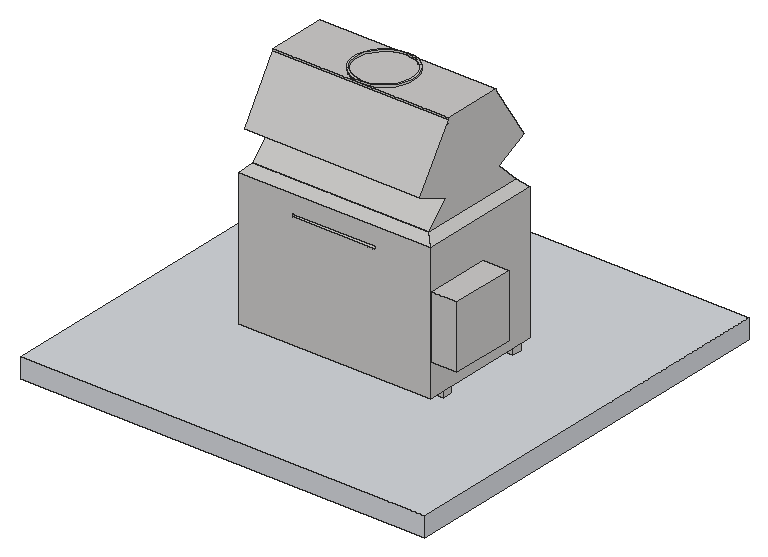
Revit family "DC_Rheem_PLM_Raypak_B0868ID", category Plumbing Fixtures, host Face, Revit 2020
Family settings
  Host = Face
  Round Connector Dimension = Use Radius
  Part Type = Normal
  Cut with Voids When Loaded = No
  Shared = No
  Room Calculation Point = No
Parameters (values of type "Raypak - Gas Water Heater- Indoor - 870 MJ/h  Natural gas, modulating gas control")
  Width_ANZRS = 1160 mm
  URL = "http://www.rheem.com.au/CommercialProducts"
  Type Comments = "Recovery 3354L/h @ 50°C rise\r\n"
  TopH2_ANZRS = 125 mm
  TopH1_ANZRS = 350 mm
  TopDiaSmall_ANZRl = 355 mm
  TopDiaBig_ANZRS = 785 mm
  T_ANZRS = 50 mm
  Materials_ANZRS = Raypak - Grey Powder Coated Steel
  PRVDist_ANZRS = 85 mm
  PRV_ANZRS = 15 mm
  Model = "B0868NCM/ID\r\n"
  Manufacturer = "Raypak\r\n"
  Length_ANZRS = 750 mm
  L1_ANZRS = 387 mm
  HotWateroutletradius_ANZRS = 32.5 mm
  HotWateroutletDiameter_ANZRS = HotWateroutletradius_ANZRS * 2  # 65 mm
  HotWaterConn.Dist_ANZRS = 155 mm
  Height_ANZRS = 1460 mm
  H1_ANZRS = 935 mm
  GasInletradius_ANZRS = 20 mm
  GasInletHeight_ANZRS = 435 mm
  GasInletDiameter_ANZRS = GasInletradius_ANZRS * 2  # 40 mm
  GasConn.Dist_ANZRS = 95 mm
  EleBoxW_ANZRS = 160 mm
  EleBoxHeightFromBase_ANZRS = 235 mm
  EleBoxHeight_ANZRS = 380 mm
  DesignBy_ANZRS = "Design Content ©"
  Description = "Raypak - Gas Water Heater- Indoor - 870 MJ/h  Natural gas, modulating gas control\r\n"
  Default Elevation = 0 mm
  ConnHeight_ANZRS = 745 mm
  ColdWaterInletRadius_ANZRS = 32.5 mm
  ColdWaterInletDiameter_ANZRS = ColdWaterInletRadius_ANZRS * 2  # 65 mm
  ColdWaterConn.Dist_ANZRS = 280 mm
  BoxHeight_ANZRS = 850 mm
  Base1Dist_ANZRS = 75 mm
  BaseWidth_ANZRS = 55 mm
  BaseHeight_ANZRS = 35 mm
  Basae2Dist_ANZRS = 95 mm
  Author_ANZRS = "DM"
  Assembly Code = ""
Types (5, lengths in mm): name | URL | Type Comments | Model | GasInletradius_ANZRS | GasInletDiameter_ANZRS | Description
  (no name) | "http://www.rheem.com.au/downloads/PDF/Raypak_Mechanical_Heating_Brochure_July_09.pdf\r\n" | "Recovery 3096L/h @ 50°C rise\r\n" | "B0868PCM/ID\r\n" | 10 | 20 | "Raypak - Gas Water Heater- Indoor - 820 MJ/h  Propane gas, modulating gas control\r\n"
  Raypak - Gas Water Heater- Indoor - 870 MJ/h  Natural gas, modulating gas control | "http://www.rheem.com.au/CommercialProducts" | "Recovery 3354L/h @ 50°C rise\r\n" | "B0868NCM/ID\r\n" | 20 | 40 | "Raypak - Gas Water Heater- Indoor - 870 MJ/h  Natural gas, modulating gas control\r\n"
  Raypak - Gas Water Heater- Indoor - 870 MJ/h  Natural gas, On/Off gas control | "http://www.rheem.com.au/CommercialProducts" | "Recovery 3354L/h @ 50°C rise\r\n" | "B0868NCO/ID\r\n" | 20 | 40 | "Raypak - Gas Water Heater- Indoor - 870 MJ/h  Natural gas, On/Off gas control\r\n"
  Raypak - Gas Water Heater- Indoor - 820 MJ/h  Propane gas, modulating gas control | "http://www.rheem.com.au/CommercialProducts" | "Recovery 3096L/h @ 50°C rise\r\n" | "B0868PCM/ID\r\n" | 10 | 20 | "Raypak - Gas Water Heater- Indoor - 820 MJ/h  Propane gas, modulating gas control\r\n"
  Raypak - Gas Water Heater- Indoor - 820 MJ/h  Propane gas, On/Off gas control | "http://www.rheem.com.au/CommercialProducts" | "Recovery 3096L/h @ 50°C rise\r\n" | "B0868PCO/ID\r\n\r\n" | 16 | 32 | "Raypak - Gas Water Heater- Indoor - 820 MJ/h  Propane gas, On/Off gas control\r\n"
Reference planes
  plane 1 "Center (Front/Back)": y = 0
  plane 2: z = 0
  plane 3 "Center (Left/Right)": x = 0
  plane 4: y = 375
  plane 5: y = -375
  plane 6: x = -580
  plane 7: x = 580
  plane 8: z = 35
  plane 9: z = 850
  plane 10: y = 300
  plane 11: y = 245
  plane 12: y = -225
  plane 13: y = -280
  plane 14: y = -280
  plane 15: y = 220
  plane 16: y = -60
  plane 17: z = 745
  plane 18: y = 290
  plane 19: y = 177.5
  plane 20: y = -177.5
  plane 21: y = 392.5
  plane 22: y = -392.5
  plane 23: z = 1460
  plane 24: z = 1110
  plane 25: z = 985
  plane 26: y = 325
  plane 27: y = -325
  plane 28: z = 900
  plane 29: z = 435
  plane 30: x = -392.5
  plane 31: x = 392.5
  plane 32: x = -177.5
  plane 33: x = 177.5
  plane 34: x = 740
  plane 35: z = 615
  plane 36: z = 235
  plane 37: z = 725
  plane 38: x = 250
  plane 39: x = -250
  plane 40: y = -365
  plane 41: x = -570
  plane 42: z = 1440
  plane 43: z = 1450
  plane 44: y = -167.5
  plane 45: y = 325
  plane 46: y = -325
  plane 47: x = 530
  plane 48: x = -530
  plane 49: y = 10
Forms (mm)
  Extrusion 1, solid
    sketch origin (0, 0, 0) x (1, 0, 0) y (0, 1, 0)
      loop
        line (-1219.2, 1219.2) -> (-1219.2, -1219.2) -> (1219.2, -1219.2) -> (1219.2, 1219.2) -> (-1219.2, 1219.2)
    from 0 to -120
  Extrusion 2, solid, material "Raypak - Grey Powder Coated Steel" <- "Materials_ANZRS"
    sketch origin (0, 0, 0) x (1, 0, 0) y (0, 1, 0)
      loop
        line (-580, 375) -> (-580, -375) -> (580, -375) -> (580, 375) -> (-580, 375)
    from 35 to 850
  Extrusion 3, solid, material "Raypak - Grey Powder Coated Steel" <- "Materials_ANZRS"
    sketch origin (0, 0, 0) x (0, 1, 0) y (0, 0, 1)
      loop
        line (300, 35) -> (245, 35) -> (245, 0) -> (300, 0) -> (300, 35)
      loop
        line (-225, 35) -> (-280, 35) -> (-280, 0) -> (-225, 0) -> (-225, 35)
    from -580 to 580
  Extrusion 4, solid, material "Raypak - Grey Powder Coated Steel" <- "Materials_ANZRS"
    sketch origin (0, 0, 0) x (1, 0, 0) y (0, 0, 1)
      loop
        line (580, 615) -> (580, 235) -> (740, 235) -> (740, 615) -> (580, 615)
    from -10 to 375
  Extrusion 5, void
    sketch origin (0, 0, 0) x (1, 0, 0) y (0, 0, 1)
      loop
        line (-250, 745) -> (-250, 725) -> (250, 725) -> (250, 745) -> (-250, 745)
    from 344.946 to 375
  Extrusion 6, void
    sketch origin (0, 0, 0) x (0, 1, 0) y (0, 0, 1)
      loop
        circle (290, 745) r 15
      loop
        circle (220, 745) r 32.5
      loop
        circle (-60, 745) r 32.5
      loop
        circle (-280, 435) r 20
    from -580 to -570
  Blend 7, solid, material "Raypak - Grey Powder Coated Steel" <- "Materials_ANZRS"
    base sketch origin (0, 0, 0) x (1, 0, 0) y (0, 1, 0)
      loop
        line (-580, 375) -> (-580, -375) -> (580, -375) -> (580, 375) -> (-580, 375)
    top sketch origin (0, 0, 0) x (1, 0, 0) y (0, 1, 0)
      loop
        line (530, 325) -> (-530, 325) -> (-530, -325) -> (530, -325) -> (530, 325)
    from 850 to 900
  Extrusion 8, solid, material "Raypak - Grey Powder Coated Steel" <- "Materials_ANZRS"
    sketch origin (0, 0, 0) x (0, 1, 0) y (0, 0, 1)
      loop
        line (177.5, 1440) -> (177.5, 1450) -> (-177.5, 1450) -> (-177.5, 1440) -> (-392.5, 1110) -> (-200.648, 1024.352) -> (-325, 900) -> (325, 900) -> (200.648, 1024.352) -> (392.5, 1110) -> (177.5, 1440)
    from -530 to 530
  Revolve 9, solid, material "Raypak - Grey Powder Coated Steel" <- "Materials_ANZRS"
    sketch origin (0, 0, 0) x (0, 1, 0) y (0, 0, 1)
      loop
        line (-177.5, 1450) -> (-167.5, 1450) -> (-167.5, 1460) -> (-177.5, 1460) -> (-177.5, 1450)
      axis (0, 1460) -> (0, 1450)
    angle from 0 to 360
Cuts and joins
  Extrusion 5, Extrusion 6 cuts Extrusion 2
Lines and regions (mm)
  Masking region 1
    outline origin (0, 0, 0) x (1, 0, 0) y (0, 1, 0)
      loop
        line (-580, 375) -> (-580, -375) -> (-530, -375) -> (-530, -392.5) -> (530, -392.5) -> (530, -375) -> (580, -375) -> (740, -375) -> (740, 10) -> (580, 10) -> (580, 375) -> (530, 375) -> (530, 392.5) -> (-530, 392.5) -> (-530, 375) -> (-580, 375)
  Masking region 2
    outline origin (0, 0, 0) x (1, 0, 0) y (0, 0, 1)
      loop
        line (-530, 1450) -> (-530, 900) -> (-580, 850) -> (-580, 0) -> (580, 0) -> (580, 235) -> (740, 235) -> (740, 615) -> (580, 615) -> (580, 850) -> (530, 900) -> (530, 1450) -> (177.5, 1450) -> (177.5, 1460) -> (-177.5, 1460) -> (-177.5, 1450) -> (-530, 1450)
  Masking region 3
    outline origin (0, 0, 0) x (0, 1, 0) y (0, 0, 1)
      loop
        line (-177.5, 1460) -> (-177.5, 1440) -> (-392.5, 1110) -> (-200.648, 1024.352) -> (-375, 850) -> (-375, 0) -> (375, 0) -> (375, 850) -> (200.648, 1024.352) -> (392.5, 1110) -> (177.5, 1440) -> (177.5, 1460) -> (-177.5, 1460)
  symbolic lines, style "Rheem Raypak", detail levels fine
    curve 1: line (-530, 392.5, 0) -> (530, 392.5, 0)
    curve 2: line (-530, -392.5, 0) -> (-530, 392.5, 0)
    curve 3: line (530, -392.5, 0) -> (-530, -392.5, 0)
    curve 4: line (530, 392.5, 0) -> (530, -392.5, 0)
    curve 5: line (530, 177.5, 0) -> (-530, 177.5, 0)
    curve 6: line (-530, -177.5, 0) -> (530, -177.5, 0)
    curve 7: arc (0, 177.5, 0) -> (177.5, 0, 0) -> (0, -177.5, 0) r 177.5
    curve 8: arc (0, -177.5, 0) -> (-177.5, 0, 0) -> (0, 177.5, 0) r 177.5
    curve 9: arc (0, -167.5, 0) -> (-167.5, 0, 0) -> (0, 167.5, 0) r 167.5
    curve 10: arc (0, 167.5, 0) -> (167.5, 0, 0) -> (0, -167.5, 0) r 167.5
    curve 11: line (-580, 375, 0) -> (-580, -375, 0)
    curve 12: line (580, -375, 0) -> (580, 375, 0)
    curve 13: line (-580, -375, 0) -> (-530, -375, 0)
    curve 14: line (580, 375, 0) -> (530, 375, 0)
    curve 15: line (530, 325, 0) -> (580, 375, 0)
    curve 16: line (580, -375, 0) -> (530, -325, 0)
    curve 17: line (-580, -375, 0) -> (-530, -325, 0)
    curve 18: line (-580, 375, 0) -> (-530, 325, 0)
    curve 19: line (740, 10, 0) -> (580, 10, 0)
    curve 20: line (740, -375, 0) -> (740, 10, 0)
    curve 21: line (580, -375, 0) -> (740, -375, 0)
    curve 22: line (530, -375, 0) -> (580, -375, 0)
    curve 23: line (-530, 375, 0) -> (-580, 375, 0)
    curve 24: line (-530, 0, 1450) -> (-530, 0, 900)
    curve 25: line (365, 0, 1450) -> (-530, 0, 1450)
    curve 26: line (-177.5, 0, 1460) -> (177.5, 0, 1460)
    curve 27: line (177.5, 0, 1450) -> (177.5, 0, 1460)
    curve 28: line (-177.5, 0, 1450) -> (-177.5, 0, 1460)
    curve 29: line (-530, 0, 1440) -> (365, 0, 1440)
    curve 30: line (-530, 0, 1110) -> (530, 0, 1110)
    curve 31: line (-530, 0, 1024.352) -> (530, 0, 1024.352)
    curve 32: line (-530, 0, 900) -> (530, 0, 900)
    curve 33: line (-530, 0, 900) -> (-580, 0, 850)
    curve 34: line (580, 0, 35) -> (580, 0, 850)
    curve 35: line (-580, 0, 850) -> (-580, 0, 35)
    curve 36: line (-580, 0, 850) -> (580, 0, 850)
    curve 37: line (-580, 0, 35) -> (580, 0, 35)
    curve 38: line (-580, 0, 35) -> (-580, 0, 0)
    curve 39: line (-580, 0, 0) -> (580, 0, 0)
    curve 40: line (580, 0, 0) -> (580, 0, 35)
    curve 41: line (580, 0, 235) -> (740, 0, 235)
    curve 42: line (740, 0, 235) -> (740, 0, 615)
    curve 43: line (740, 0, 615) -> (580, 0, 615)
    curve 44: line (250, 0, 745) -> (-250, 0, 745)
    curve 45: line (250, 0, 725) -> (250, 0, 745)
    curve 46: line (-250, 0, 725) -> (250, 0, 725)
    curve 47: line (-250, 0, 745) -> (-250, 0, 725)
    curve 48: line (580, 0, 850) -> (530, 0, 900)
    curve 49: line (0, -177.5, 1460) -> (0, 177.5, 1460)
    curve 50: line (0, 177.5, 1450) -> (0, -177.5, 1450)
    curve 51: line (0, -177.5, 1460) -> (0, -177.5, 1440)
    curve 52: line (0, 177.5, 1440) -> (0, 177.5, 1460)
    curve 53: line (0, -177.5, 1440) -> (0, -392.5, 1110)
    curve 54: line (0, 392.5, 1110) -> (0, 177.5, 1440)
    curve 55: line (0, 200.648, 1024.352) -> (0, 392.5, 1110)
    curve 56: line (0, -392.5, 1110) -> (0, -200.648, 1024.352)
    curve 57: line (0, -200.648, 1024.352) -> (0, -375, 850)
    curve 58: line (0, 375, 850) -> (0, 200.648, 1024.352)
    curve 59: line (0, -375, 850) -> (0, 375, 850)
    curve 60: line (0, -325, 900) -> (0, 325, 900)
    curve 61: line (0, -375, 850) -> (0, -375, 35)
    curve 62: line (0, 375, 35) -> (0, 375, 850)
    curve 63: line (0, -375, 35) -> (0, 375, 35)
    curve 64: line (0, 245, 35) -> (0, 245, 0)
    curve 65: line (0, 300, 0) -> (0, 300, 35)
    curve 66: line (0, 245, 0) -> (0, 300, 0)
    curve 67: line (0, -225, 0) -> (0, -225, 35)
    curve 68: line (0, -280, 35) -> (0, -280, 0)
    curve 69: line (0, -280, 0) -> (0, -225, 0)
    curve 70: arc (0, -300, 435) -> (0, -280, 415) -> (0, -260, 435) r 20
    curve 71: arc (0, -260, 435) -> (0, -280, 455) -> (0, -300, 435) r 20
    curve 72: arc (0, -92.5, 745) -> (0, -60, 712.5) -> (0, -27.5, 745) r 32.5
    curve 73: arc (0, -27.5, 745) -> (0, -60, 777.5) -> (0, -92.5, 745) r 32.5
    curve 74: arc (0, 187.5, 745) -> (0, 220, 712.5) -> (0, 252.5, 745) r 32.5
    curve 75: arc (0, 252.5, 745) -> (0, 220, 777.5) -> (0, 187.5, 745) r 32.5
    curve 76: arc (0, 305, 745) -> (0, 290, 760) -> (0, 275, 745) r 15
    curve 77: arc (0, 275, 745) -> (0, 290, 730) -> (0, 305, 745) r 15
Dimensions and locks
  equal spacing: plane 4, plane 1 "Center (Front/Back)", plane 5
  "Length_ANZRS": plane 4 to plane 5
  equal spacing: plane 6, plane 3 "Center (Left/Right)", plane 7
  "Width_ANZRS": plane 6 to plane 7
  "BaseHeight_ANZRS": plane 8 to Extrusion 1
  "BoxHeight_ANZRS": plane 9 to Extrusion 1
  "Base1Dist_ANZRS": plane 4 to plane 10
  "BaseWidth_ANZRS": plane 10 to plane 11
  "Basae2Dist_ANZRS": plane 13 to plane 5
  "BaseWidth_ANZRS": plane 12 to plane 13
  "GasConn.Dist_ANZRS": plane 14 to plane 5
  "HotWaterConn.Dist_ANZRS": plane 4 to plane 15
  "ColdWaterConn.Dist_ANZRS": plane 15 to plane 16
  "ConnHeight_ANZRS": plane 17 to Extrusion 1
  "PRVDist_ANZRS": plane 4 to plane 18
  equal spacing: plane 19, plane 1 "Center (Front/Back)", plane 20
  "TopDiaSmall_ANZRl": plane 19 to plane 20
  equal spacing: plane 21, plane 1 "Center (Front/Back)", plane 22
  "TopDiaBig_ANZRS": plane 21 to plane 22
  "Height_ANZRS": plane 23 to Extrusion 1
  "T_ANZRS": plane 4 to plane 26
  "T_ANZRS": plane 27 to plane 5
  "TopH1_ANZRS": plane 23 to plane 24
  "TopH2_ANZRS": plane 24 to plane 25
  "GasInletHeight_ANZRS": plane 29 to Extrusion 1
  equal spacing: plane 32, plane 3 "Center (Left/Right)", plane 33
  equal spacing: plane 30, plane 3 "Center (Left/Right)", plane 31
  "TopDiaBig_ANZRS": plane 30 to plane 31
  "TopDiaSmall_ANZRl": plane 32 to plane 33
  "EleBoxW_ANZRS": plane 34 to plane 7
  "EleBoxHeight_ANZRS": plane 35 to plane 36
  "EleBoxHeightFromBase_ANZRS": plane 36 to Extrusion 1
  equal spacing: plane 38, plane 3 "Center (Left/Right)", plane 39
  plane 38 to plane 39 = 500 mm
  locked: plane 40 to plane 5 at 10
  locked: plane 6 to plane 41 at 10
  "T_ANZRS": plane 28 to plane 9
  plane 23 to plane 42 = 20 mm
  equal spacing: plane 23, plane 43, plane 42
  locked: plane 44 to plane 20 at 10
  plane 45 to Extrusion 4 = 315 mm
  locked: Extrusion 4 to plane 46 at 50
  locked: plane 47 to plane 7 at 50
  locked: plane 6 to plane 48 at 50
  plane 9 to level = 850 mm
  "GasInletradius_ANZRS": radius of Extrusion 6 sketch curve
  "ColdWaterInletRadius_ANZRS": radius of Extrusion 6 sketch curve
  "HotWateroutletradius_ANZRS": radius of Extrusion 6 sketch curve
  "PRV_ANZRS": radius of Extrusion 6 sketch curve
  aligned and locked: plane 2 to Extrusion 1
  aligned and locked: level to Extrusion 1
  aligned and locked: Extrusion 2 sketch curve to plane 4
  aligned and locked: plane 6 to Extrusion 2 sketch curve
  aligned and locked: Extrusion 2 sketch curve to plane 5
  aligned and locked: plane 7 to Extrusion 2 sketch curve
  aligned and locked: Extrusion 2 to plane 8
  aligned and locked: plane 9 to Extrusion 2
  aligned and locked: plane 8 to Extrusion 3 sketch curve  (x2)
  aligned and locked: Extrusion 3 sketch curve to plane 10
  aligned and locked: Extrusion 3 sketch curve to level  (x2)
  aligned and locked: plane 11 to Extrusion 3 sketch curve
  aligned and locked: Extrusion 3 sketch curve to plane 12
  aligned and locked: plane 14 to Extrusion 3 sketch curve
  aligned and locked: Extrusion 3 to plane 6
  aligned and locked: Extrusion 3 to plane 7
  aligned and locked: Extrusion 4 sketch curve to plane 35
  aligned and locked: Extrusion 4 sketch curve to plane 7
  aligned and locked: plane 36 to Extrusion 4 sketch curve
  aligned and locked: Extrusion 4 sketch curve to plane 34
  aligned and locked: Extrusion 5 sketch curve to plane 17
  aligned and locked: plane 39 to Extrusion 5 sketch curve
  aligned and locked: plane 37 to Extrusion 5 sketch curve
  aligned and locked: Extrusion 5 sketch curve to plane 38
  aligned and locked: plane 5 to Extrusion 5
  aligned and locked: plane 17 to Extrusion 6 sketch curve  (x3)
  aligned and locked: plane 18 to Extrusion 6 sketch curve
  aligned and locked: plane 15 to Extrusion 6 sketch curve
  aligned and locked: plane 16 to Extrusion 6 sketch curve
  aligned and locked: plane 14 to Extrusion 6 sketch curve
  aligned and locked: plane 29 to Extrusion 6 sketch curve
  aligned and locked: Extrusion 6 to plane 6
  aligned and locked: Extrusion 6 to plane 41
  aligned and locked: Masking region 1 sketch curve to cut or joined group of Extrusion 2, Extrusion 5, Extrusion 6  (x3)
  aligned and locked: Masking region 1 sketch curve to Extrusion 4  (x2)
  aligned and locked: Blend 7 sketch curve to cut or joined group of Extrusion 2, Extrusion 5, Extrusion 6  (x4)
  aligned and locked: Blend 7 to plane 9
  aligned and locked: plane 28 to Blend 7
  aligned and locked: plane 19 to Extrusion 8 sketch curve
  aligned and locked: Extrusion 8 sketch curve to plane 20
  aligned and locked: Extrusion 8 sketch curve to Blend 7  (x2)
  aligned and locked: plane 28 to Extrusion 8 sketch curve
  aligned and locked: Extrusion 8 to Blend 7  (x2)
  aligned and locked: Extrusion 8 sketch curve to plane 43
  aligned and locked: Revolve 9 sketch curve to plane 20
  aligned and locked: plane 23 to Revolve 9 sketch curve
  aligned and locked: Extrusion 8 to Revolve 9 sketch curve
  aligned and locked: Revolve 9 sketch curve to plane 44
  aligned and locked: Masking region 2 sketch curve to Extrusion 8  (x3)
  aligned and locked: Masking region 2 sketch curve to Revolve 9
  aligned and locked: Masking region 2 sketch curve to Blend 7  (x2)
  aligned and locked: Masking region 2 sketch curve to cut or joined group of Extrusion 2, Extrusion 5, Extrusion 6  (x2)
  aligned and locked: Extrusion 1 to Masking region 2 sketch curve
  aligned and locked: Masking region 2 sketch curve to plane 33
  aligned and locked: Masking region 2 sketch curve to plane 32
  aligned and locked: Masking region 2 sketch curve to plane 35
  aligned and locked: Masking region 2 sketch curve to plane 34
  aligned and locked: Masking region 2 sketch curve to plane 36
  aligned and locked: Masking region 3 sketch curve to Revolve 9
  aligned and locked: Masking region 3 sketch curve to Extrusion 8  (x8)
  aligned and locked: Masking region 3 sketch curve to cut or joined group of Extrusion 2, Extrusion 5, Extrusion 6  (x2)
  aligned and locked: Extrusion 1 to Masking region 3 sketch curve
  aligned and locked: Masking region 1 sketch curve to plane 21
  aligned and locked: plane 22 to Masking region 1 sketch curve
  aligned and locked: Masking region 1 sketch curve to Extrusion 8  (x2)
  aligned: cut or joined group of Extrusion 2, Extrusion 5, Extrusion 6 to Extrusion 4
  aligned and locked: cut or joined group of Extrusion 2, Extrusion 5, Extrusion 6 to Extrusion 4
  aligned and locked: Blend 7 sketch curve to plane 48
  aligned and locked: Blend 7 sketch curve to plane 45
  aligned and locked: Blend 7 sketch curve to plane 47
  aligned and locked: Blend 7 sketch curve to plane 46
  aligned and locked: curve 72 to cut or joined group of Extrusion 2, Extrusion 5, Extrusion 6
  aligned and locked: curve 74 to cut or joined group of Extrusion 2, Extrusion 5, Extrusion 6
  aligned and locked: curve 70 to cut or joined group of Extrusion 2, Extrusion 5, Extrusion 6
  aligned and locked: curve 77 to cut or joined group of Extrusion 2, Extrusion 5, Extrusion 6
  aligned and locked: Extrusion 4 to Masking region 1
Automatic sketch dimensions
  Extrusion 1 sketch curve to Extrusion 1 sketch curve = 2438.4 mm  (x2)
  Extrusion 8 sketch curve to plane 22 = 0 mm
  Extrusion 8 sketch curve to plane 21 = 0 mm
  Extrusion 8 sketch curve to plane 24 = 0 mm  (x2)
  Extrusion 8 sketch curve to plane 42 = 0 mm  (x2)
  Extrusion 8 sketch curve to plane 12 = 24.352 mm
  plane 15 to Extrusion 8 sketch curve = 19.352 mm
  Revolve 9 sketch curve to plane 1 "Center (Front/Back)" = 0 mm
  Revolve 9 sketch curve to level = 2207.352 mm
  plane 23 to Revolve 9 sketch curve = 883.807 mm
  Masking region 2 sketch curve to plane 43 = 0 mm
  plane 7 to Masking region 2 sketch curve = 0 mm
  curve 37 to plane 6 = 0 mm
  curve 24 to plane 28 = 0 mm
  curve 24 to plane 48 = 0 mm
  curve 44 to plane 17 = 0 mm
  curve 44 to plane 39 = 0 mm
  curve 26 to plane 23 = 0 mm
  plane 32 to curve 26 = 0 mm
  plane 33 to curve 27 = 0 mm
  curve 46 to plane 37 = 0 mm
  curve 46 to plane 38 = 0 mm
  curve 29 to plane 42 = 0 mm
  curve 25 to plane 43 = 0 mm
  curve 30 to plane 24 = 0 mm
  plane 47 to curve 30 = 0 mm
  plane 47 to curve 32 = 0 mm
  plane 47 to curve 31 = 0 mm
  curve 40 to level = 0 mm
  plane 7 to curve 40 = 0 mm
  curve 43 to plane 34 = 0 mm
  curve 38 to plane 8 = 0 mm
  curve 41 to plane 36 = 0 mm
  curve 42 to plane 35 = 0 mm
  curve 35 to plane 9 = 0 mm
  curve 29 to plane 31 = 27.5 mm
  curve 25 to curve 29 = 0 mm
  curve 31 to plane 25 = 39.352 mm
  curve 56 to plane 22 = 0 mm
  curve 61 to plane 5 = 0 mm
  curve 60 to plane 27 = 0 mm
  curve 68 to plane 13 = 0 mm
  curve 67 to plane 12 = 0 mm
  curve 50 to plane 20 = 0 mm
  curve 54 to plane 19 = 0 mm
  curve 66 to level = 0 mm
  curve 66 to plane 11 = 0 mm
  curve 65 to plane 10 = 0 mm
  curve 60 to plane 26 = 0 mm
  curve 62 to plane 4 = 0 mm
  curve 55 to plane 21 = 0 mm
  curve 68 to level = 0 mm
  curve 67 to plane 8 = 0 mm
  curve 59 to plane 9 = 0 mm
  curve 60 to plane 28 = 0 mm
  curve 56 to plane 24 = 0 mm
  curve 54 to plane 24 = 0 mm
  curve 51 to plane 42 = 0 mm
  plane 42 to curve 52 = 0 mm
  curve 50 to plane 43 = 0 mm
  curve 49 to plane 23 = 0 mm
  plane 20 to curve 56 = 23.148 mm
  plane 15 to curve 58 = 19.352 mm
  curve 7 to curve 8 = 0 mm
  curve 7 to curve 9 = 0 mm  (x2)
  plane 5 to curve 11 = 0 mm
  curve 11 to plane 6 = 0 mm
  curve 2 to plane 21 = 0 mm
  curve 2 to plane 48 = 0 mm
  curve 8 to plane 3 "Center (Left/Right)" = 0 mm
  plane 5 to curve 22 = 0 mm
  curve 22 to plane 47 = 0 mm
  curve 19 to plane 7 = 0 mm
  curve 20 to plane 34 = 0 mm
  plane 22 to curve 3 = 0 mm
  curve 17 to plane 27 = 0 mm
  curve 16 to plane 27 = 0 mm
  plane 20 to curve 8 = 0 mm
  plane 44 to curve 9 = 0 mm
  plane 1 "Center (Front/Back)" to curve 8 = 0 mm
  plane 26 to curve 15 = 0 mm
  plane 26 to curve 18 = 0 mm
  curve 11 to plane 4 = 0 mm
  curve 14 to plane 4 = 0 mm
  plane 49 to curve 19 = 0 mm
  plane 5 to Masking region 1 sketch curve = 0 mm
  Masking region 1 sketch curve to plane 48 = 0 mm
  Masking region 1 sketch curve to plane 47 = 0 mm
  Masking region 1 sketch curve to plane 4 = 0 mm
  Masking region 1 sketch curve to plane 7 = 0 mm  (x3)
  plane 49 to Masking region 1 sketch curve = 0 mm
Connectors
  piping at (-580, 290, 745), diameter 30, driven by "PRV_ANZRS"
    settings: on cut or joined group of Extrusion 2, Extrusion 5, Extrusion 6, index 1, connector inside diameter 1.1811", connector length 0 mm, flow factor 0, pipe flow 0 GPM, pressure drop 0.00 psi, fitting loss kfactor 0, connector angle 0.00°, fixture units 0, engagement length 0 mm, angle of deflection 0.00°, flow configuration 1, flow direction 2, fitting loss method 0, system type 22, joint type 0, gender type 0, connector reference index -1, connector utility 0, adjustable connector no, is connector primary yes, connector description "PRV"
  piping at (-580, 220, 745), diameter 65, driven by "HotWateroutletradius_ANZRS"
    settings: on cut or joined group of Extrusion 2, Extrusion 5, Extrusion 6, index 2, connector inside diameter 2.55906", connector length 0 mm, flow factor 0, pipe flow 0 GPM, pressure drop 0.00 psi, fitting loss kfactor 0, connector angle 0.00°, fixture units 0, engagement length 0 mm, angle of deflection 0.00°, flow configuration 1, flow direction 2, fitting loss method 0, system type 19, joint type 0, gender type 0, connector reference index -1, connector utility 0, adjustable connector no, is connector primary no, connector description ""
  piping at (-580, -60, 745), diameter 65, driven by "ColdWaterInletRadius_ANZRS"
    settings: on cut or joined group of Extrusion 2, Extrusion 5, Extrusion 6, index 3, connector inside diameter 2.55906", connector length 0 mm, flow factor 0, pipe flow 0 GPM, pressure drop 0.00 psi, fitting loss kfactor 0, connector angle 0.00°, fixture units 0, engagement length 0 mm, angle of deflection 0.00°, flow configuration 1, flow direction 1, fitting loss method 0, system type 20, joint type 0, gender type 0, connector reference index -1, connector utility 0, adjustable connector no, is connector primary no, connector description ""
  piping at (-580, -280, 435), diameter 40, driven by "GasInletradius_ANZRS"
    settings: on cut or joined group of Extrusion 2, Extrusion 5, Extrusion 6, index 4, connector inside diameter 0.7874", connector length 0 mm, flow factor 0, pipe flow 0 GPM, pressure drop 0.00 psi, fitting loss kfactor 0, connector angle 0.00°, fixture units 0, engagement length 0 mm, angle of deflection 0.00°, flow configuration 1, flow direction 1, fitting loss method 0, system type 22, joint type 0, gender type 0, connector reference index -1, connector utility 0, adjustable connector no, is connector primary no, connector description "Gas"
